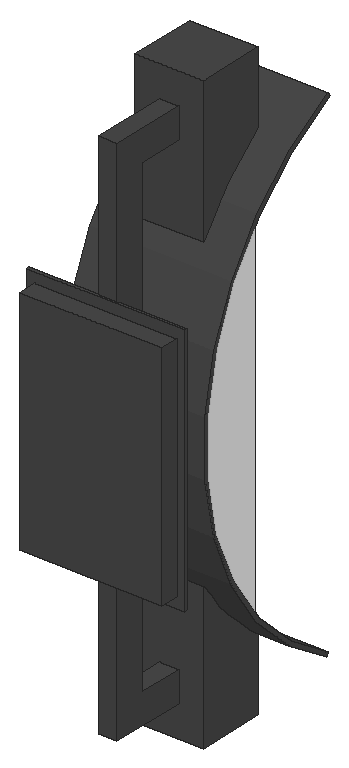
Revit family "3-771-xx - Albedo Wall Sconce", category Luminarias, Revit 2021
Family settings
  Anfitrión = Muro
  Cota de conector redondo = Diámetro de uso
  Tipo de pieza = Normal
  Número OmniClass = 23.80.70.00
  Título OmniClass = Lighting
  Siempre vertical = Sí
  Corte con vacíos al cargar = No
  Origen de luz = Sí
  Compartido = No
  Punto de cálculo de habitación = No
Parameters (values of type "3-771-15 / Black - Clear Bubble Glass")
  Ángulo de inclinación = 90.00°  # constant formula
  Elevación por defecto = 0 mm
  Comentarios de vataje = "1 x 8.0 W at 120 V"  # constant formula
  Wattage = 8.36 W
  built-in parameter 1150110 = 1 (stored number, unit not read)
  Voltage Input = "120 V or 277 V - 50/60 Hz"  # constant formula
  Voltage = 120 V
  URL = "www.oxygenlighting.com"
  built-in parameter 1114217 = 1 (stored number, unit not read)
  built-in parameter 1150109 = 1 (stored number, unit not read)
  built-in parameter 1150134 = (empty or 0)
  built-in parameter 1150113 = 1 (stored number, unit not read)
  References = "Ref. 3 = 120 V / Ref. 37 = 277 V"  # constant formula
  Modelo = "3-771-xx / Albedo Wall Sconce"  # constant formula
  Metal Finish = 15 - Black
  Fabricante = "Oxygen Lighting and Fans"  # constant formula
  Main Diffuser = Clear Bubble Glass
  Lumens = 171.38 lm
  built-in parameter 1150115 = 1 (stored number, unit not read)
  built-in parameter 1150105 = 13.638 (stored number, unit not read)
  built-in parameter 1150137 = (empty or 0)
  built-in parameter 1150139 = (empty or 0)
  built-in parameter 1150112 = 1 (stored number, unit not read)
  built-in parameter 1150114 = 1 (stored number, unit not read)
  Lámpara = "LED Array"  # constant formula
  built-in parameter 1150132 = (empty or 0)
  built-in parameter 1150102 = (empty or 0)
  built-in parameter 1150138 = (empty or 0)
  built-in parameter 1150107 = 3000 (stored number, unit not read)
  built-in parameter 1150106 = 0.13638 (stored number, unit not read)
  built-in parameter 1150104 = 1.9045 (stored number, unit not read)
  Dimming Lamp Color Temperature Shift = (empty or 0)
  Color Filter = 16777215
  built-in parameter 1114218 = 1 (stored number, unit not read)
  Archivo de red fotométrica = "3-771-15 Albedo 19 Sconce.ies"
  built-in parameter 1150133 = 10 (stored number, unit not read)
Reference planes
  plane 1: y = 0
  plane 2 "Light Source Axis (L/R)": x = 125
  plane 3 "Light Source Axis (F/R)": y = 170
  plane 4 "Light Source Elevation": z = 1800
  plane 5: y = 75
Text (mm)
  text "Placement side" at (-1787.139, 1116.779, 0), in view "Ref. Level"
  text "Placement side" at (0, 2110.396, 2986.058), in view "Left"
  text "Placement side" at (0, 628.478, 3011.967), in view "Right"
Dimensions and locks
  locked: plane 3 "Light Source Axis (F/R)" to plane 5 at 95
  locked: plane 4 "Light Source Elevation" to nested 1 at 241.5
  aligned and locked: plane 1 to host wall
  aligned and locked: plane 2 "Light Source Axis (L/R)" to imposter light
  aligned and locked: plane 5 to host wall
  aligned and locked: nested 1 to plane 2 "Light Source Axis (L/R)"
  aligned and locked: plane 5 to nested 1
  aligned and locked: plane 4 "Light Source Elevation" to imposter light
  aligned and locked: plane 3 "Light Source Axis (F/R)" to imposter light
Nested families
  nested 1: "Family1" at (125, 75, 1800) x (-1, 0, 0) z (0, 0, 1), type "Family1"
Connectors
  electrical at (125, 75, 1800), driven by "Voltage"
    settings: on nested 1, index 1, voltage 120 V, apparent load 0 VA, apparent load phase1 0 VA, apparent load phase2 0 VA, apparent load phase3 0 VA, power factor 1, load classification "Other", number of poles 1, system type 31, power factor state 1, is connector primary yes, connector utility no, sub classification motor no, connector description ""
Definition of nested family "Family1"
  Parameters (values of type "Family1")
    Metal Finish = none
    Default Elevation = 0 mm
    Diffuser = none
  Reference planes
    plane 1 "Center (Front/Back)": y = 0
    plane 2: z = 0
    plane 3 "Center (Left/Right)": x = 0
  Forms (mm)
    Extrusion 1, solid, material <- "Metal Finish"
      sketch origin (0, 0, 0) x (0, 1, 0) y (0, 0, 1)
        loop
          line (0, 93.2) -> (-15, 93.2) -> (-15, -93.2) -> (0, -93.2) -> (0, 93.2)
      from -57.15 to 57.15
    Extrusion 2, solid, material <- "Metal Finish"
      sketch origin (0, 0, 0) x (0, 1, 0) y (0, 0, 1)
        loop
          line (-15, 101.7) -> (-17, 101.7) -> (-17, -101.7) -> (-15, -101.7) -> (-15, 101.7)
      from -63.5 to 63.5
    Extrusion 3, solid, material <- "Metal Finish"
      sketch origin (0, 0, 0) x (0, 1, 0) y (0, 0, 1)
        loop
          line (-79.05, 216.1) -> (-79.05, 191.431) -> (-42, 191.431) -> (-42, -191.431) -> (-79.05, -191.431) -> (-79.05, -216.1) -> (-17, -216.1) -> (-17, 216.1) -> (-79.05, 216.1)
      from -7.5 to 7.5
    Extrusion 4, solid, material <- "Metal Finish"
      sketch origin (0, 0, 0) x (0, 1, 0) y (0, 0, 1)
        loop
          line (-134.05, -183.01) -> (-134.05, -241.5) -> (-79.05, -241.5) -> (-79.05, -124.573)
          arc (-79.05, -124.573) -> (-103.958, -156.231) -> (-134.05, -183.01) r 227.951
        loop
          arc (-134.05, 183.01) -> (-103.958, 156.231) -> (-79.05, 124.573) r 227.951
          line (-79.05, 124.573) -> (-79.05, 241.5) -> (-134.05, 241.5) -> (-134.05, 183.01)
      from -27.5 to 27.5
    Extrusion 5, solid, material <- "Metal Finish"
      sketch origin (0, 0, 0) x (0, 1, 0) y (0, 0, 1)
        loop
          line (-167.76, 203.761) -> (-169.105, 201.08)
          arc (-169.105, 201.08) -> (-45.002, 0.848) -> (-167.592, -200.314) r 224.951
          line (-167.592, -200.314) -> (-166.227, -202.985)
          arc (-166.227, -202.985) -> (-42.002, 0.859) -> (-167.76, 203.761) r 227.951
      from -57.15 to 57.15
    Extrusion 6, solid, material <- "Diffuser"
      sketch origin (0, 0, 0) x (0, 1, 0) y (0, 0, 1)
        loop
          arc (-131.55, -177.336) -> (-104.3, -152.193) -> (-81.55, -122.915) r 224.951
          line (-81.55, -122.915) -> (-81.55, 122.915)
          arc (-81.55, 122.915) -> (-104.3, 152.193) -> (-131.55, 177.336) r 224.951
          line (-131.55, 177.336) -> (-131.55, -177.336)
      from -27.5 to 27.5
  Dimensions and locks
    aligned and locked: level to plane 2
